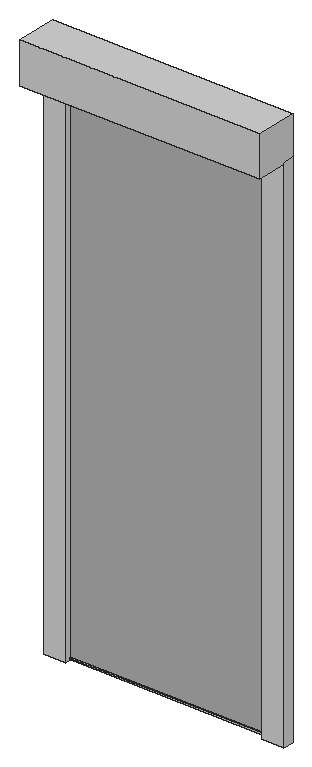
Revit family "Fire-Smoke-Curtain_Elevator-Prot_DoorSystems_DSI-600", category Generic Models, Revit 2018
Family settings
  Can host rebar = No
  Round Connector Dimension = Use Diameter
  Part Type = Normal
  OmniClass Number = 23.30.10.21
  OmniClass Title = Special Function Doors
  Work Plane-Based = Yes
  Always vertical = No
  Cut with Voids When Loaded = No
  Shared = No
  Room Calculation Point = No
Parameters (values of type "Single Roller")
  Warranty Duration (Years) = 0
  Unit Width [instance] = Opening Width + (0' 4" * 2)  # 3' - 8"
  Unit Height [instance] = Opening Height + Header Height  # 8' - 7 1/2"
  Unit Depth [instance] = if(1 = 1, Header Depth, 0' 0")  # 0' - 7 1/2"
  URL = "http://www.doorsysinc.com/"
  Standards Conformance = "ICC  ;  UL 1784 S Label  ;  UL 864  ;  OSHPD  ;  LAFD High Rise"
  Specification = "http://www.arcat.com/sdspecs/htm04/08_34_00dsi.htm"
  SpecWizard = ""
  SingleRollerHeaderCalc [instance] = if(Opening Height < 11' 0", 0' 7 1/2", if(Opening Height < 26' 3", 0' 8 1/4", if(Opening Height < 39' 4", 0' 10", 0' 11 7/8")))  # 0' - 7 1/2"
  Sales Information = "http://www.doorsysinc.com/DSI-fire-smoke-curtains/contact-us.html"
  Revision = "R1_2016-07"
  Product Properties = "http://www.doorsysinc.com/DSI-fire-smoke-curtains/elevator-smoke-containment-system.html"
  Product Data = "http://www.arcat.com/arcatcos/cos50/arc50183.html"
  Opening Width [instance] = 3' - 0"
  Opening Height [instance] = 8' - 0"
  mrsbs = 1 = 0  # no
  mrou = 1 = 0  # no
  MultiRollerSBSHeaderCalcH [instance] = if(Opening Height < 11' 0", 0' 8 1/4", if(Opening Height < 26' 3", 0' 10", if(Opening Height < 39' 4", 0' 10 1/2", 0' 11 7/8")))  # 0' - 8 1/4"
  MultiRollerSBSHeaderCalcD [instance] = if(Opening Height < 11' 0", 1' 0 1/4", if(Opening Height < 26' 3", 1' 3 3/8", if(Opening Height < 39' 4", 1' 5 3/8", 1' 9 1/4")))  # 1' - 0 1/4"
  MultiRollerSBSControl [instance] = if(mrsbs, (MultiRollerSBSHeaderCalcD / 2) - 0' 1", 0' 0")  # 0' - 0"
  MultiRollerOUHeaderCalcH [instance] = if(Opening Height < 11' 0", 0' 11 3/8", if(Opening Height < 26' 3", 1' 3 3/8", if(Opening Height < 39' 4", 1' 5 3/8", 1' 9 1/4")))  # 0' - 11 3/8"
  MultiRollerOUHeaderCalcD [instance] = if(Opening Height < 11' 0", 0' 7 1/2", if(Opening Height < 26' 3", 0' 8 1/4", if(Opening Height < 39' 4", 0' 10", 0' 11 7/8")))  # 0' - 7 1/2"
  Mounting Method [instance] = "as Specified"
  Model = "DSI 600-60GS"
  Maximum Size = "19 ft Wide. Heights Above 11 ft Require Larger Head Clearances"
  Manufacturer Website = "http://www.doorsysinc.com/"
  Manufacturer Phone - Toll Free = "866-534-3667"
  Manufacturer Phone = "714-258-7100"
  Manufacturer Fax = ""
  Manufacturer Address = "2413 S. Broadway St.  Santa Ana, CA 92707"
  Manufacturer = "Door Systems, Inc"
  Maintenance Schedule (Months) = 0
  Keynote = "08 34 84"
  Installation-Fabrication = ""
  Installation Phase = ""
  Header Height [instance] = if(Opening Width < 19' 0", SingleRollerHeaderCalc, if(and(not(Opening Height < 14' 0"), mrsbs), MultiRollerSBSHeaderCalcH, MultiRollerOUHeaderCalcH))  # 0' - 7 1/2"
  Header Depth [instance] = if(Opening Width < 19' 0", SingleRollerHeaderCalc, if(and(not(Opening Width < 14' 0"), mrsbs), MultiRollerSBSHeaderCalcD / 2, MultiRollerOUHeaderCalcD))  # 0' - 7 1/2"
  Green Building-LEED = ""
  Frame Finish [instance] = Metal - Steel - Painted
  Fire Performance = "UL 10D 1 HR  ;  California Fire State Marshall"
  Expected Lifespan (Years) = 0
  Electrical_Voltage = 24 V
  Drawn By = "Sumex Design, Inc. / Robert S. Weygant, CSI, CDT, SCIP"
  Description = "Door Systems Inc Fire Rated Elevator Smoke Curtain - DSI-600 as Specified"
  Default Elevation = 0' - 0"  # constant formula
  Curtain Height [instance] = if(Curtain Closed, Opening Height, 0' 0 1/16")  # 8' - 0"
  Curtain Finish [instance] = Fabric - DoorSystemsInc - Grey Smoke Curtain
  Curtain Closed [instance] = yes
  Copyright = "©Arcat Inc."
  Construction Details = "http://www.arcat.com/details/doorsys/doorsys.html?coid=50183"
  Available Options [instance] = "as Specified"
  Assembly Code = "D4090"
Reference planes (in)
  plane 1 "Center (Front/Back)": y = 0
  plane 2 "Bottom": z = 0.375
  plane 3 "Center (Left/Right)": x = 0
  plane 4 "Front": y = -7.5
  plane 5 "Left": x = -22
  plane 6 "Right": x = 22
  plane 7 "Top": z = 103.5
  plane 8: x = -18
  plane 9: x = 18
  plane 10: z = 96.375
  plane 11 "Curtain": z = 0.375
  plane 12: x = -19.25
  plane 13: x = 19.25
Forms (in)
  Extrusion 1, solid, material "Metal - Steel - Painted" <- "Frame Finish"
    sketch origin (0, 0, 0) x (0, 1, 0) y (0, 0, 1)
      loop
        line (0, 103.5) -> (-7.5, 103.5) -> (-7.5, 96) -> (0, 96) -> (0, 103.5)
    from -22 to 22
  Extrusion 2, solid, material "Metal - Steel - Painted" <- "Frame Finish"
    sketch origin (0, 0, 0) x (1, 0, 0) y (0, 1, 0)
      loop
        line (-22, 0) -> (-22, -2) -> (-18, -2) -> (-18, -1.125) -> (-19.25, -1.125) -> (-19.25, -0.875) -> (-18, -0.875) -> (-18, 0) -> (-22, 0)
      loop
        line (22, 0) -> (18, 0) -> (18, -0.875) -> (19.25, -0.875) -> (19.25, -1.125) -> (18, -1.125) -> (18, -2) -> (22, -2) -> (22, 0)
    from 0 to 96.375
  Extrusion 3, solid, material "Metal - Steel - Painted" <- "Frame Finish"
    sketch origin (0, 0, 0) x (0, 1, 0) y (0, 0, 1)
      loop
        line (-0.625, 0.375) -> (-0.625, 0.56188) -> (-1.375, 0.56188) -> (-1.375, 0.375) -> (-0.625, 0.375)
    from -18 to 18
  Extrusion 4, solid, material "Fabric - DoorSystemsInc - Grey Smoke Curtain" <- "Curtain Finish"
    sketch origin (0, 0, 0) x (0, 1, 0) y (0, 0, 1)
      loop
        line (-0.90444, 0.56188) -> (-0.90444, 98.81188) -> (-1.06021, 98.81188) -> (-1.06021, 0.56188) -> (-0.90444, 0.56188)
    from -19.25 to 19.25
Dimensions and locks (in)
  equal spacing: plane 5 "Left", plane 3 "Center (Left/Right)", plane 6 "Right"
  "Unit Width": plane 5 "Left" to plane 6 "Right"
  "Unit Depth": plane 1 "Center (Front/Back)" to plane 4 "Front"
  "Unit Height": plane 7 "Top" to level
  "Header Height": plane 7 "Top" to Extrusion 1 sketch curve
  "Header Depth": Extrusion 1 sketch curve to plane 1 "Center (Front/Back)"
  equal spacing: plane 8, plane 3 "Center (Left/Right)", plane 9
  "Opening Width": plane 8 to plane 9
  "Opening Height": plane 10 to plane 2 "Bottom"
  "Curtain Height": plane 10 to plane 11 "Curtain"
  locked: Extrusion 3 sketch curve to plane 11 "Curtain" at 0.18688
  locked: Extrusion 4 sketch curve to plane 11 "Curtain" at 0.18688
  locked: plane 10 to Extrusion 4 sketch curve at 2.43688
  locked: plane 12 to plane 8 at 1.25
  locked: plane 9 to plane 13 at 1.25
  "MultiRollerSBSControl": plane 1 "Center (Front/Back)" to Extrusion 1 sketch curve
  plane 7 "Top" to plane 10 = 0' - 7 1/8"
  aligned and locked: plane 7 "Top" to Extrusion 1 sketch curve
  aligned and locked: Extrusion 1 to plane 5 "Left"
  aligned and locked: plane 6 "Right" to Extrusion 1
  aligned and locked: Extrusion 2 to plane 10
  aligned and locked: plane 8 to Extrusion 3
  aligned and locked: Extrusion 3 to plane 9
  aligned and locked: plane 11 "Curtain" to Extrusion 3 sketch curve
  aligned and locked: plane 12 to Extrusion 4
  aligned and locked: Extrusion 4 to plane 13
Automatic sketch dimensions
  Extrusion 2 sketch curve to plane 5 "Left" = 0' - 0"
  plane 1 "Center (Front/Back)" to Extrusion 2 sketch curve = 0' - 0"  (x2)
  Extrusion 2 sketch curve to plane 6 "Right" = 0' - 0"
  plane 1 "Center (Front/Back)" to Extrusion 2 sketch curve = 0' - 0 7/8"
  plane 5 "Left" to Extrusion 2 sketch curve = 0' - 2 3/4"
  Extrusion 2 sketch curve to Extrusion 2 sketch curve = 0' - 1 1/4"  (x2)
  Extrusion 2 sketch curve to Extrusion 2 sketch curve = 0' - 0"  (x2)
  plane 1 "Center (Front/Back)" to Extrusion 2 sketch curve = 0' - 1 1/8"
  Extrusion 2 sketch curve to plane 6 "Right" = 0' - 4"
  Extrusion 2 sketch curve to Extrusion 2 sketch curve = 0' - 0 7/8"
  Extrusion 2 sketch curve to Extrusion 2 sketch curve = 0' - 1 1/8"
  Extrusion 2 sketch curve to Extrusion 2 sketch curve = 0' - 0 1/4"  (x2)
  plane 1 "Center (Front/Back)" to Extrusion 3 sketch curve = 0' - 1 3/8"
  plane 1 "Center (Front/Back)" to Extrusion 3 sketch curve = 0' - 0 5/8"
  plane 1 "Center (Front/Back)" to Extrusion 4 sketch curve = 0' - 1.06021"
  Extrusion 4 sketch curve to Extrusion 4 sketch curve = 0' - 0.15577"
